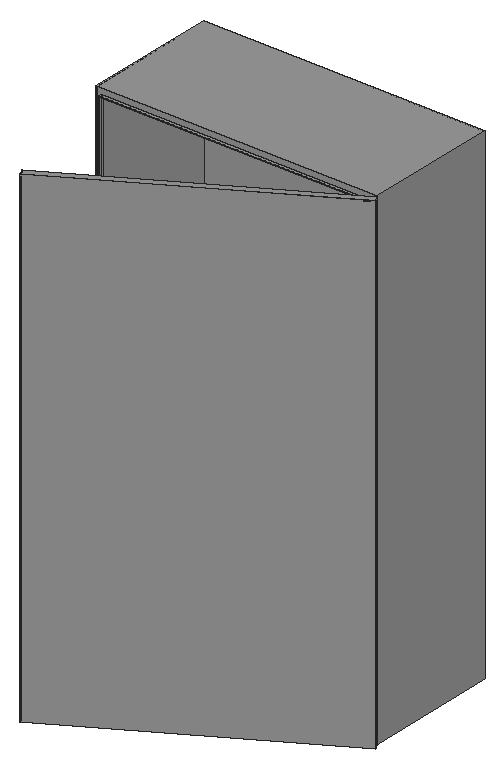
Revit family "Hager-Univers-IP55-D400-H1400-Cl.I-Steel_encl-NoHosted-CH-it", category Electrical Equipment, Revit 2020
Family settings
  Panel Configuration = Two Columns, Circuits Across
  Round Connector Dimension = Use Diameter
  Part Type = Panelboard
  Work Plane-Based = Yes
  Always vertical = Yes
  Cut with Voids When Loaded = No
  Shared = No
  Room Calculation Point = No
Parameters (values of type "A parete IP55 L800 A1400 P400  - FR93G")
  Width Control [instance] = if([EF000008 - Larghezza] > Min Width, [EF000008 - Larghezza], Min Width)  # 800 mm
  Type Comments = [HG000003 - Gamma]  # "Univers"
  Thickness Door [instance] = if([EF009171 - spessore materiale porta/coperchio] > 3 mm, 3 mm, [EF009171 - spessore materiale porta/coperchio])  # 1.5 mm
  Seal Frame Offset [instance] = 17 mm  # constant formula
  Plinth Visibility [instance] = [HG000027 - Altezza dello zoccolo] > 0 mm  # no
  Min Width [instance] = 100 mm  # constant formula
  Min Depth [instance] = (2 * [EF009170 - spessore materiale scatola]) + 1 mm  # 4 mm
  Min Height [instance] = 100 mm  # constant formula
  Internal Frame Depth [instance] = (Door System Depth * 0.5)  # 9 mm
  Panel Name [instance] = ""  # (empty or 0)
  Model = ""
  HG000027 - Altezza dello zoccolo = 0 mm
  HG000026 - A pavimento = no
  HG000024 - Altezza della sezione inferiore = 600 mm
  HG000023 - Custodia a doppia sezione = no
  HG000016 - Visibilità delle porte nella vista 3D [instance] = yes
  HG000015 - Visibilità attraverso la porta [instance] = no
  HG000014 - Porta destra [instance] = yes
  HG000013 - Porta sinistra [instance] = not([HG000014 - Porta destra])  # no
  HG000012 - Angolo di apertura della porta [instance] = 30.00°
  HG000010 - Porte asimmetriche = no
  HG000009 - Porta doppia a battente = no
  HG000006 - Ad incasso = no
  HG000004 - Codice produttore = "FR93G"
  HG000003 - Gamma = "Univers"
  HG000002 - Con porta = yes
  Frame Offset Bottom [instance] = 10 mm  # constant formula
  Frame Offset [instance] = 15 mm  # constant formula
  EF015940 - Coprire con rilascio di sovrapressione = no
  EF011959 - tipo di protezione (NEMA) = ""
  EF009554 - numero delle aperture per la piastra della flangia = 6
  EF009212 - esecuzione coperchio = "EV000116 - chiuso"
  EF009171 - spessore materiale porta/coperchio = 1.5 mm
  EF009170 - spessore materiale scatola = 1.5 mm
  EF008873 - corrente nominale (In) = 800 A
  EF007800 - adatto per parafulmine = no
  EF006306 - con serratura = no
  EF006244 - coperchio/porta trasparente = no
  EF005474 - grado di protezione (IP) = "EV006420 - IP55"
  EF004464 - tipo di porta = "EV002646 - singolo"
  EF004427 - numero di moduli = 324
  EF004293 - resistenza agli urti = "EV008784 - IK10"
  EF003532 - adatto per uso esterno = no
  EF002950 - Numero moduli DIN = 24
  EF001613 - Integrità del circuito = "EV000494 - senza"
  EF001596 - Attacco Lampada = "EV000179 - acciaio"
  EF001131 - profondità interna = 400 mm
  EF001088 - possibilità di applicazione = yes
  EF000437 - numero di ingressi per conduttori = 6
  EF000339 - tipo di copertura = "EV004216 - porta"
  EF000266 - numero di file = 9
  EF000218 - profondità di incasso = 0 mm
  EF000118 - con piastra di montaggio = no
  EF000116 - numero RAL = "7035"
  EF000049 - profondità = 400 mm
  EF000040 - Altezza = 1400 mm
  EF000008 - Larghezza = 800 mm
  EF000007 - colore = "EV000270 - grigio"
  EF000003 - Tipo di montaggio = "EV000384 - A parete"
  Door System Leaf Tolerance [instance] = 1.5 mm  # constant formula
  Door System Depth [instance] = 18 mm  # constant formula
  Door Height [instance] = Height Control - [HG000027 - Altezza dello zoccolo]  # 1400 mm
  Description = ""
  Default Elevation = 1219.2 mm
  Connector Offset [instance] = Height Control / 2  # 700 mm
  Manufacturer = "Hager"  # constant formula
  Height Control [instance] = if([EF000040 - Altezza] > Min Height, [EF000040 - Altezza], Min Height)  # 1400 mm
  Depth Control [instance] = if([EF000049 - profondità] > Min Depth, [EF000049 - profondità], Min Depth)  # 400 mm
  Bottom Top Plate Trim [instance] = 1.5 mm  # constant formula
  Plinth height Ctrl [instance] = if([HG000027 - Altezza dello zoccolo] > 0 mm, [HG000027 - Altezza dello zoccolo], 12 mm)  # 12 mm
Types (3, lengths in mm): name | Width Control | HG000009 - Porta doppia a battente | HG000004 - Codice produttore | EF009554 - numero delle aperture per la piastra della flangia | EF004464 - tipo di porta | EF004427 - numero di moduli | EF000437 - numero di ingressi per conduttori | EF000008 - Larghezza
  A parete IP55 L1050 A1400 P400  - FR94G | 1050 | yes | "FR94G" | 8 | "EV003602 - doppio" | 432 | 8 | 1050
  A parete IP55 L550 A1400 P400  - FR92G | 550 | no | "FR92G" | 4 | "EV002646 - singolo" | 216 | 4 | 550
  A parete IP55 L800 A1400 P400  - FR93G | 800 | no | "FR93G" | 6 | "EV002646 - singolo" | 324 | 6 | 800
Reference planes
  plane 1 "Center (Front/Back)": y = 0
  plane 2: z = 0
  plane 3 "Center (Left/Right)": x = 0
  plane 4: y = 0
  plane 5: y = 0
  plane 6: z = 0
  plane 7: x = -400
  plane 8: x = 400
  plane 9: x = 398.5
  plane 10: x = -398.5
  plane 11: z = 0
  plane 12: z = 1.5
  plane 13: y = -400
  plane 14: y = -1.5
  plane 15: x = 0
  plane 16: y = -382
  plane 17: y = -398.5
  plane 18: y = -380.5
  plane 19: x = -383.5
  plane 20: x = 383.5
  plane 21: z = 11.5
  plane 22: x = -383
  plane 23: x = 383
  plane 24: z = 0
  plane 25: z = 1400
  plane 26: z = 1400
  plane 27: z = 1383.5
  plane 28: z = 1398.5
Forms (mm)
  Extrusion 1, solid, material "Hager_Steel_RAL7035_Light_Grey", detail levels medium+fine
    sketch origin (-208.679, -4572, 0) x (-1, 0, 0) y (0, -1, 0)
      loop
        line (191.321, -4190) -> (-608.679, -4190) -> (-608.679, -4572) -> (191.321, -4572) -> (191.321, -4190)
    from 0 to 1400
  Extrusion 2, void
    sketch origin (-350.771, -400, 1219.2) x (1, 0, 0) y (0, 0, 1)
      loop
        line (-47.729, 179.3) -> (-47.729, -1217.7) -> (749.271, -1217.7) -> (749.271, 179.3) -> (-47.729, 179.3)
    from -19.5 to -398.5
  Extrusion 3, void
    sketch origin (-290.084, -382, 1219.2) x (1, 0, 0) y (0, 0, 1)
      loop
        line (-93.416, -1207.7) -> (673.584, -1207.7) -> (673.584, 164.3) -> (-93.416, 164.3) -> (-93.416, -1207.7)
    from 0 to -1.5
  Extrusion 4, solid, material "Hager_Steel_RAL7035_Light_Grey", visible <- "Plinth Visibility", detail levels medium+fine
    sketch origin (0, 0, 0) x (1, 0, 0) y (0, 1, 0)
      loop
        line (-400, 0) -> (-400, -382) -> (400, -382) -> (400, 0) -> (-400, 0)
    from 0 to 12 <- "Plinth height Ctrl"
  Extrusion 5, solid, material "Hager_Steel_RAL7035_Light_Grey", detail levels coarse
    sketch origin (0, 0, 0) x (1, 0, 0) y (0, 1, 0)
      loop
        line (-400, 0) -> (-400, -400) -> (400, -400) -> (400, 0) -> (-400, 0)
    from 0 to 1400 <- "Height Control"
  Sweep 6, void
    path in 3D
      loop
        line (-400, -382, 12) -> (400, -382, 12) -> (400, 0, 12) -> (-400, 0, 12) -> (-400, -382, 12)
    profile origin (-400, -191, 12) x (1, 0, 0) y (0, 0, 1)
      loop
        line (0, 0) -> (0, -1.5) -> (1.5, -1.5)
        arc (1.5, -1.5) -> (1.061, -0.439) -> (0, 0) r 1.5
  Extrusion 7, solid, material "Hager_Steel_RAL7035_Light_Grey", detail levels fine
    sketch origin (-400, -382, 0) x (1, 0, 0) y (0, 0, 1)
      loop
        line (16.5, 11.5) -> (783.5, 11.5) -> (783.5, 1383.5) -> (16.5, 1383.5) -> (16.5, 11.5)
      loop
        line (15, 10) -> (785, 10) -> (785, 1385) -> (15, 1385) -> (15, 10)
    from 0 to 9 <- "Internal Frame Depth"
Cuts and joins
  Extrusion 2, Extrusion 3 cuts Extrusion 1
  Sweep 6 cuts Extrusion 4
Lines and regions (mm)
  Masking region 1
    outline origin (0, 0, 0) x (1, 0, 0) y (0, 1, 0)
      loop
        line (-400, 0) -> (-400, -400) -> (400, -400) -> (400, 0) -> (-400, 0)
  Masking region 2, detail levels coarse
    outline origin (-290.084, -382, 1219.2) x (-1, 0, 0) y (0, 0, 1)
      loop
        line (-690.084, -1219.2) -> (109.916, -1219.2) -> (109.916, 180.8) -> (-690.084, 180.8) -> (-690.084, -1219.2)
  Masking region 3, detail levels coarse
    outline origin (0, 0, 0) x (0, 1, 0) y (0, 0, 1)
      loop
        line (0, 0) -> (0, 1400) -> (-400, 1400) -> (-400, 0) -> (0, 0)
  Masking region 4, visible <- "Plinth Visibility", detail levels medium+fine
    outline origin (0, 0, 0) x (0, 1, 0) y (0, 0, 1)
      loop
        line (-1.5, 12) -> (-380.5, 12)
        arc (-380.5, 12) -> (-380.939, 10.939) -> (-382, 10.5) r 1.5
        line (-382, 10.5) -> (-382, 0) -> (0, 0) -> (0, 10.5)
        arc (0, 10.5) -> (-1.061, 10.939) -> (-1.5, 12) r 1.5
  Masking region 5, detail levels medium+fine
    outline origin (0, 0, 594.038) x (0, 1, 0) y (0, 0, 1)
      loop
        line (0, -594.038) -> (0, 805.962) -> (-382, 805.962) -> (-382, -594.038) -> (0, -594.038)
  Masking region 6, detail levels medium+fine
    outline origin (-359.7, -382, 1211.883) x (-1, 0, 0) y (0, 0, 1)
      loop
        line (-759.7, -1211.883) -> (40.3, -1211.883) -> (40.3, 188.117) -> (-759.7, 188.117) -> (-759.7, -1211.883)
  Masking region 7, visible <- "Plinth Visibility", detail levels medium+fine
    outline origin (-320.334, -382, 1041.368) x (-1, 0, 0) y (0, 0, 1)
      loop
        line (-720.334, -1041.368) -> (79.666, -1041.368) -> (79.666, -1030.868)
        arc (79.666, -1030.868) -> (78.606, -1030.429) -> (78.166, -1029.368) r 1.5
        line (78.166, -1029.368) -> (-718.834, -1029.368)
        arc (-718.834, -1029.368) -> (-719.273, -1030.429) -> (-720.334, -1030.868) r 1.5
        line (-720.334, -1030.868) -> (-720.334, -1041.368)
  sketch lines
    curve 1: line (-400, 0, 12) -> (-400, -382, 12)
    curve 2: line (-400, -382, 12) -> (400, -382, 12)
    curve 3: line (400, 0, 12) -> (-400, 0, 12)
    curve 4: line (400, -382, 12) -> (400, 0, 12)
Dimensions and locks
  locked: plane 1 "Center (Front/Back)" to plane 5
  "EF009170 - spessore materiale scatola": plane 7 to plane 10
  "EF009170 - spessore materiale scatola": plane 8 to plane 9
  equal spacing: plane 7, plane 3 "Center (Left/Right)", plane 8
  "Width Control": plane 7 to plane 8
  "Depth Control": plane 4 to plane 13
  "EF009170 - spessore materiale scatola": plane 4 to plane 14
  "Height Control": plane 25 to level
  "HG000027 - Altezza dello zoccolo": plane 11 to level
  "EF009170 - spessore materiale scatola": plane 12 to plane 11
  "EF009170 - spessore materiale scatola": plane 17 to plane 13
  "EF009170 - spessore materiale scatola": plane 18 to plane 16
  "Frame Offset Bottom": plane 21 to plane 12
  "Frame Offset": plane 10 to plane 19
  "Frame Offset": plane 9 to plane 20
  "Door System Depth": plane 16 to plane 13
  "Seal Frame Offset": plane 7 to plane 22
  "Seal Frame Offset": plane 8 to plane 23
  "EF009170 - spessore materiale scatola": plane 26 to plane 28
  "Frame Offset": plane 28 to plane 27
  "Connector Offset": plane 2 to connector elem
  "Bottom Top Plate Trim": profile plane to Sweep 6 sketch curve
  "Bottom Top Plate Trim": Sweep 6 sketch curve to Sweep 6 sketch curve
  "Plinth height Ctrl": Masking region 4 sketch curve to level
  "Plinth height Ctrl": Masking region 7 sketch curve to level
  "Thickness Door": Extrusion 7 sketch curve to Extrusion 7 sketch curve  (x4)
  "Bottom Top Plate Trim": radius of Sweep 6 sketch curve
  "Bottom Top Plate Trim": radius of Masking region 4 sketch curve  (x2)
  "Bottom Top Plate Trim": radius of Masking region 7 sketch curve  (x2)
  aligned and locked: Extrusion 2 sketch curve to plane 12
  aligned and locked: Extrusion 2 sketch curve to plane 9
  aligned and locked: Extrusion 2 sketch curve to plane 10
  aligned and locked: Extrusion 2 to plane 14
  aligned and locked: Extrusion 1 sketch curve to plane 4
  aligned and locked: plane 8 to Extrusion 1 sketch curve
  aligned and locked: plane 7 to Extrusion 1 sketch curve
  aligned and locked: Extrusion 2 to plane 18
  aligned and locked: Extrusion 3 sketch curve to plane 19
  aligned and locked: plane 20 to Extrusion 3 sketch curve
  aligned and locked: Extrusion 3 to Extrusion 2
  aligned and locked: Extrusion 3 sketch curve to plane 21
  aligned and locked: plane 3 "Center (Left/Right)" to nested 1
  aligned and locked: Extrusion 1 sketch curve to plane 16
  aligned and locked: Extrusion 4 sketch curve to cut or joined group of Extrusion 1, Extrusion 2, Extrusion 3
  aligned and locked: Masking region 1 sketch curve to plane 7
  aligned and locked: Masking region 1 sketch curve to plane 5
  aligned and locked: Masking region 1 sketch curve to plane 8
  aligned and locked: Masking region 2 sketch curve to level
  aligned and locked: level to Masking region 3 sketch curve
  aligned and locked: plane 1 "Center (Front/Back)" to Masking region 3 sketch curve
  aligned and locked: plane 13 to Masking region 3 sketch curve
  aligned and locked: plane 5 to Masking region 4 sketch curve
  aligned and locked: Masking region 2 sketch curve to plane 8
  aligned and locked: Masking region 2 sketch curve to plane 7
  aligned and locked: plane 7 to nested 2
  aligned and locked: nested 2 to plane 5
  aligned and locked: plane 5 to Masking region 5 sketch curve
  aligned and locked: plane 26 to Masking region 5 sketch curve
  aligned and locked: Extrusion 5 sketch curve to plane 8
  aligned and locked: Extrusion 5 sketch curve to plane 7
  aligned and locked: Extrusion 5 sketch curve to plane 5
  aligned and locked: Extrusion 3 sketch curve to plane 27
  aligned and locked: Extrusion 2 sketch curve to plane 28
  aligned and locked: Masking region 2 to plane 25
  aligned and locked: Extrusion 4 to plane 16
  aligned and locked: profile plane to Sweep 6 sketch curve
  aligned and locked: Masking region 5 sketch curve to plane 24
  aligned and locked: level to Masking region 4 sketch curve
  aligned and locked: Masking region 1 to plane 13
  aligned and locked: nested 1 to plane 16
  aligned and locked: Masking region 3 to plane 25
  aligned and locked: plane 16 to Masking region 4 sketch curve
  aligned and locked: Masking region 5 sketch curve to plane 16
  aligned and locked: plane 24 to plane 11
  aligned and locked: plane 26 to plane 25
  aligned and locked: plane 26 to cut or joined group of Extrusion 1, Extrusion 2, Extrusion 3
  aligned and locked: nested 1 to plane 24
  aligned and locked: Extrusion 1 to Extrusion 3
  aligned and locked: Masking region 6 sketch curve to plane 8
  aligned and locked: Masking region 6 sketch curve to plane 24
  aligned and locked: Masking region 6 sketch curve to plane 7
  aligned and locked: Masking region 6 sketch curve to plane 26
  aligned and locked: Masking region 7 sketch curve to plane 7
  aligned and locked: level to Masking region 7 sketch curve
  aligned and locked: Masking region 7 sketch curve to plane 8
  aligned and locked: Extrusion 7 sketch curve to cut or joined group of Extrusion 1, Extrusion 2, Extrusion 3  (x4)
Automatic sketch dimensions
  plane 19 to Extrusion 3 sketch curve = 0 mm
  Extrusion 3 sketch curve to plane 20 = 0 mm
  Extrusion 3 sketch curve to plane 21 = 0 mm
  Extrusion 4 sketch curve to plane 7 = 0 mm
  Extrusion 4 sketch curve to plane 8 = 0 mm
  Extrusion 4 sketch curve to plane 16 = 0 mm
  Masking region 1 sketch curve to plane 13 = 0 mm
  Masking region 2 sketch curve to plane 25 = 0 mm
  Masking region 3 sketch curve to plane 25 = 0 mm
  Extrusion 5 sketch curve to plane 13 = 0 mm
  profile plane to Sweep 6 sketch curve = 0 mm
Nested families
  nested 1: "EC000058_Univers_Door" at (0, -382, 0), Double <- "HG000009 - Porta doppia a battente", Transparent <- "EF006244 - coperchio/porta trasparente", Angle <- "HG000012 - Angolo di apertura della porta", Door_Right <- "HG000014 - Porta destra", Assymetrical <- "HG000010 - Porte asimmetriche", Door <- "HG000002 - Con porta", Width_Ctrl <- "Width Control", 3d_Door <- "HG000016 - Visibilità delle porte nella vista 3D", Clearance <- "HG000015 - Visibilità attraverso la porta", Door_Left <- "HG000013 - Porta sinistra", Width <- "Width Control", Door_Depth <- "Door System Depth", Leaf_Tolerance <- "Door System Leaf Tolerance", Height <- "Door Height", Lock_Visibility <- "EF006306 - con serratura", Thickness <- "Thickness Door", type "EC000058_Univers_Door", detail levels medium+fine
    with min_wh 4 mm, Width_Ctrl 800 mm, Width 800 mm, Transparent no, Thickness 1.5 mm, Seal_Material Hager_Rubber, Lock_Visibility no, Lock_Material Hager_Plastic_RAL9005_Jet_Black, Leaf_Width 800 mm, Leaf_Tolerance_External_Sides 0 mm, Leaf_Tolerance 1.5 mm, Leaf_Offset 0 mm, Leaf_Height 1397 mm, Leaf_2_Width 800 mm, Leaf_2_Offset 400 mm, Leaf_1_Width 800 mm, Leaf_1_Offset 400 mm, Height_Ctrl 1400 mm, Height 1400 mm, Glass_Material Hager_Glass, Double_Clearance_Ctrl no, Double no, Door_Right_Ctrl yes, Door_Right yes, Door_Material Hager_Steel_RAL7035_Light_Grey, Door_Left_Ctrl no, Door_Left no, Door_Depth 18 mm, Door yes, Clearance_Material Hager_Clearance, Clearance_Depth 800 mm, Clearance_Ctrl no, Clearance no, Assymetrical no, Angle 30.00°, 3d_Door yes
  nested 2: "Hager_Enclosure_Symbol" at (-400, 0, 0), Height <- "Depth Control", Width <- "Width Control", type "Hager_Enclosure_Symbol"
    with Width_Ctrl 800 mm, Width 800 mm, Height_Ctrl 400 mm, Height 400 mm, A_Width_Int 26.25 mm, A_Width 315 mm, A_Height_Ctrl 350 mm, A_Height 350 mm
Connectors
  electrical at (0, 0, 700)
    settings: on plane 1 "Center (Front/Back)", index 1, voltage 0 V, apparent load 0 VA, apparent load phase1 0 VA, apparent load phase2 0 VA, apparent load phase3 0 VA, power factor 1, load classification "Other", number of poles 1, system type 30, power factor state 1, is connector primary yes, connector utility no, sub classification motor no, connector description ""
Definition of nested family "EC000058_Univers_Door"
  Parameters (values of type "EC000058_Univers_Door")
    min_wh [instance] = (2 * Thickness) + 1 mm  # 11 mm
    Width_Ctrl [instance] = 400 mm
    Width [instance] = 500 mm
    Transparent [instance] = yes
    Thickness [instance] = 5 mm
    Seal_Material [instance] = none
    Lock_Visibility [instance] = yes
    Lock_Material [instance] = none
    Leaf_Width [instance] = if((Width_Ctrl - 2 * Leaf_Tolerance_External_Sides) > 0 mm, (Width_Ctrl - 2 * Leaf_Tolerance_External_Sides), min_wh)  # 400 mm
    Leaf_Tolerance_External_Sides [instance] = 0 mm  # constant formula
    Leaf_Tolerance [instance] = 1.5 mm
    Leaf_Offset [instance] = 0 mm  # constant formula
    Leaf_Height [instance] = if((Height_Ctrl - 2 * Leaf_Tolerance) > 0 mm, (Height_Ctrl - 2 * Leaf_Tolerance), min_wh)  # 497 mm
    Leaf_2_Width [instance] = if(and(and(Double, Assymetrical), Door_Left), (Leaf_Width / 3) - (Leaf_Tolerance / 2), if(and(and(Double, Assymetrical), Door_Right), (Leaf_Width / 3) * 2 - (Leaf_Tolerance / 2), if(and(Double, not(Assymetrical)), (Leaf_Width / 2) - Leaf_Tolerance, Leaf_Width)))  # 400 mm
    Leaf_2_Offset [instance] = if(and(Double, Assymetrical), Leaf_2_Width / 2, if(and(Double, not(Assymetrical)), Leaf_Width / 4, Leaf_Width / 2))  # 200 mm
    Leaf_1_Width [instance] = if(and(and(Double, Assymetrical), Door_Right), (Leaf_Width / 3) - (Leaf_Tolerance / 2), if(and(and(Double, Assymetrical), Door_Left), (Width / 3) * 2 - (Leaf_Tolerance / 2), if(and(Double, not(Assymetrical)), (Leaf_Width / 2) - Leaf_Tolerance, Leaf_Width)))  # 400 mm
    Leaf_1_Offset [instance] = if(and(Double, Assymetrical), Leaf_1_Width / 2, if(and(Double, not(Assymetrical)), Leaf_Width / 4, Leaf_Width / 2))  # 200 mm
    Height_Ctrl [instance] = if(Height > min_wh, Height, min_wh)  # 500 mm
    Height [instance] = 500 mm
    Glass_Material [instance] = none
    Double_Clearance_Ctrl [instance] = and(Double, Clearance)  # no
    Double [instance] = no
    Door_Right_Ctrl [instance] = and(or(Door_Right, Double), Door)  # yes
    Door_Right [instance] = yes
    Door_Material [instance] = none
    Door_Left_Ctrl [instance] = and(or(Door_Left, Double), Door)  # no
    Door_Left [instance] = no
    Door_Depth [instance] = 30 mm
    Door [instance] = yes
    Default Elevation = 1219.2 mm
    Clearance_Material [instance] = none
    Clearance_Depth [instance] = if(Leaf_1_Width > Leaf_2_Width, Leaf_1_Width, Leaf_2_Width)  # 400 mm
    Clearance_Ctrl [instance] = and(not(Double), Clearance)  # yes
    Clearance [instance] = yes
    Assymetrical [instance] = yes
    Angle [instance] = 30.00°
    3d_Door [instance] = yes
  Reference planes
    plane 1 "Center (Front/Back)": y = 0
    plane 2 "Bottom": z = 0
    plane 3 "Center (Left/Right)": x = 0
    plane 4: z = 500
    plane 5: x = -200
    plane 6: x = 200
    plane 7: z = 500
    plane 8: x = -200
    plane 9: z = 0
    plane 10: x = 200
    plane 11: y = 0
    plane 12: z = 1.5
    plane 13: x = -600
    plane 14: y = -400
    plane 15: x = 600
    plane 16: x = 0
    plane 17: x = 0
    plane 18: x = -200
    plane 19: x = 200
    plane 20: z = 498.5
  Forms (mm)
    Extrusion 1, solid, material <- "Clearance_Material", visible <- "Double_Clearance_Ctrl"
      sketch origin (1200, 0, 0) x (1, 0, 0) y (0, 0, -1)
        loop
          line (-1800, -498.5) -> (-600, -498.5) -> (-600, 0) -> (-1800, 0) -> (-1800, -498.5)
      from 0 to -400
  Dimensions and locks
    equal spacing: plane 5, plane 3 "Center (Left/Right)", plane 6
    "Width_Ctrl": plane 5 to plane 6
    "Leaf_Offset": plane 5 to plane 8
    "Leaf_Offset": plane 6 to plane 10
    "Leaf_Offset": plane 9 to level
    "Leaf_Offset": plane 4 to plane 7
    "Height_Ctrl": plane 4 to level
    "Leaf_Tolerance": plane 12 to plane 9
    locked: plane 11 to plane 1 "Center (Front/Back)"
    "Leaf_1_Offset": plane 18 to plane 16
    "Leaf_2_Offset": plane 17 to plane 19
    "Leaf_1_Width": plane 13 to plane 8
    "Leaf_2_Width": plane 10 to plane 15
    "Clearance_Depth": plane 14 to plane 1 "Center (Front/Back)"
    "Leaf_Tolerance_External_Sides": plane 8 to plane 18
    "Leaf_Tolerance_External_Sides": plane 19 to plane 10
    "Leaf_Tolerance": plane 7 to plane 20
    aligned and locked: level to plane 2 "Bottom"
    aligned and locked: nested 1 to plane 16
    aligned and locked: nested 2 to plane 17
    aligned and locked: Extrusion 1 to plane 13
    aligned and locked: plane 15 to Extrusion 1
    aligned and locked: Extrusion 1 to plane 14
    aligned and locked: plane 12 to nested 1
    aligned and locked: nested 2 to plane 12
    aligned and locked: Extrusion 1 to plane 11
    aligned and locked: plane 20 to Extrusion 1
    aligned and locked: nested 2 to plane 11
    aligned and locked: nested 1 to plane 11
  Automatic sketch dimensions
    Extrusion 1 sketch curve to level = 0 mm
    plane 5 to Extrusion 1 sketch curve = 400 mm
    plane 6 to Extrusion 1 sketch curve = 400 mm
    Extrusion 1 sketch curve to plane 4 = 1.5 mm
  Nested families
    nested 1: "EC000058_Univers_Door_Leaf" at (0, 0, 1.5), Width <- "Leaf_1_Width", visible <- "Door_Left_Ctrl", Leaf_Height <- "Leaf_Height", Angle <- "Angle", 3d_Door <- "3d_Door", Transparent <- "Transparent", Clearance Material <- "Clearance_Material", Clearance <- "Clearance_Ctrl", Door_Material <- "Door_Material", Glass_Material <- "Glass_Material", Door_Depth <- "Door_Depth", Lock_Material <- "Lock_Material", Seal_Material <- "Seal_Material", Lock_Visibility <- "Lock_Visibility", Thickness <- "Thickness", type "EC000058_Univers_Door_Leaf"
      with Width 400 mm, Transparent_Glass_Offset 30 mm, Transparent_Ctrl yes, Transparent yes, Thickness 5 mm, Standard no, Seal_Material none, Seal_D2 8 mm, Seal_D1 1 mm, Offset_Internal_Frame 10 mm, Lock_Width 20 mm, Lock_Visibility_3d yes, Lock_Visibility yes, Lock_Thickness_3 3 mm, Lock_Thickness_2 1 mm, Lock_Thickness_1 3 mm, Lock_Radius_Offset_2 16 mm, Lock_Radius_Offset_1 15 mm, Lock_Radius_2 5 mm, Lock_Radius 6 mm, Lock_Offset 5 mm, Lock_Material none, Lock_Height 80 mm, Lock_Cover_Top_Offset_2d 17 mm, Lock_Cover_Height -65 mm, Leaf_Height 497 mm, Internal_Seal_Thickness 8 mm, Internal_Seal_Depth_2 4.5 mm, Internal_Frame_Depth 25 mm, Glass_Thickness -1 mm, Glass_Offset -2 mm, Glass_Material none, Door_Material none, Door_Depth 30 mm, Clearance Material none, Clearance yes, Angle_Ctrl 30.00°, Angle 30.00°, 3d_Door yes
    nested 2: "EC000058_Univers_Door_Leaf" at (0, 0, 1.5) x (-1, 0, 0) z (0, 0, 1), Width <- "Leaf_2_Width", visible <- "Door_Right_Ctrl", Leaf_Height <- "Leaf_Height", Angle <- "Angle", 3d_Door <- "3d_Door", Transparent <- "Transparent", Clearance Material <- "Clearance_Material", Clearance <- "Clearance_Ctrl", Door_Material <- "Door_Material", Glass_Material <- "Glass_Material", Door_Depth <- "Door_Depth", Lock_Material <- "Lock_Material", Seal_Material <- "Seal_Material", Lock_Visibility <- "Lock_Visibility", Thickness <- "Thickness", type "EC000058_Univers_Door_Leaf"
      with Width 400 mm, Transparent_Glass_Offset 30 mm, Transparent_Ctrl yes, Transparent yes, Thickness 5 mm, Standard no, Seal_Material none, Seal_D2 8 mm, Seal_D1 1 mm, Offset_Internal_Frame 10 mm, Lock_Width 20 mm, Lock_Visibility_3d yes, Lock_Visibility yes, Lock_Thickness_3 3 mm, Lock_Thickness_2 1 mm, Lock_Thickness_1 3 mm, Lock_Radius_Offset_2 16 mm, Lock_Radius_Offset_1 15 mm, Lock_Radius_2 5 mm, Lock_Radius 6 mm, Lock_Offset 5 mm, Lock_Material none, Lock_Height 80 mm, Lock_Cover_Top_Offset_2d 17 mm, Lock_Cover_Height -65 mm, Leaf_Height 497 mm, Internal_Seal_Thickness 8 mm, Internal_Seal_Depth_2 4.5 mm, Internal_Frame_Depth 25 mm, Glass_Thickness -1 mm, Glass_Offset -2 mm, Glass_Material none, Door_Material none, Door_Depth 30 mm, Clearance Material none, Clearance yes, Angle_Ctrl 30.00°, Angle 30.00°, 3d_Door yes
  Definition of nested family "EC000058_Univers_Door_Leaf"
    Parameters (values of type "EC000058_Univers_Door_Leaf")
      Width [instance] = 2000 mm
      Transparent_Glass_Offset [instance] = 30 mm
      Transparent_Ctrl [instance] = and(Transparent, [3d_Door])  # yes
      Transparent [instance] = yes
      Thickness [instance] = 5 mm
      Standard [instance] = and(not(Transparent), [3d_Door])  # no
      Seal_Material [instance] = none
      Seal_D2 [instance] = 8 mm  # constant formula
      Seal_D1 [instance] = 1 mm  # constant formula
      Offset_Internal_Frame [instance] = 10 mm  # constant formula
      Lock_Width [instance] = 20 mm  # constant formula
      Lock_Visibility_3d [instance] = and(Lock_Visibility, [3d_Door])  # yes
      Lock_Visibility [instance] = yes
      Lock_Thickness_3 [instance] = 3 mm  # constant formula
      Lock_Thickness_2 [instance] = 1 mm  # constant formula
      Lock_Thickness_1 [instance] = 3 mm  # constant formula
      Lock_Radius_Offset_2 [instance] = Lock_Radius_Offset_1 + 1 mm  # 16 mm
      Lock_Radius_Offset_1 [instance] = 15 mm  # constant formula
      Lock_Radius_2 [instance] = Lock_Radius - 1 mm  # 5 mm
      Lock_Radius [instance] = 6 mm  # constant formula
      Lock_Offset [instance] = 5 mm  # constant formula
      Lock_Material [instance] = none
      Lock_Height [instance] = 80 mm  # constant formula
      Lock_Cover_Top_Offset_2d [instance] = Lock_Radius_Offset_2 + 1 mm  # 17 mm
      Lock_Cover_Height [instance] = -(Lock_Height - Lock_Radius_Offset_1)  # -65 mm
      Leaf_Height [instance] = 2720.336 mm
      Internal_Seal_Thickness [instance] = 8 mm  # constant formula
      Internal_Seal_Depth_2 [instance] = 4.5 mm  # constant formula
      Internal_Frame_Depth [instance] = if(Door_Depth - Thickness > 5 mm, Door_Depth - Thickness, 5 mm)  # 25 mm
      Glass_Thickness [instance] = if(Thickness > 15 mm, Glass_Offset + 10 mm, -1 mm)  # -1 mm
      Glass_Offset [instance] = if(Thickness > 15 mm, -(Thickness + 10 mm) / 2, -2 mm)  # -2 mm
      Glass_Material [instance] = none
      Door_Material [instance] = none
      Door_Depth [instance] = 30 mm
      Default Elevation = 0 mm
      Clearance Material [instance] = none
      Clearance [instance] = yes
      Angle_Ctrl [instance] = if(Angle > 180.00°, 180.00°, Angle)  # 90.00°
      Angle [instance] = 90.00°
      3d_Door [instance] = yes
    Reference planes
      plane 1 "Center (Front/Back)": y = 0
      plane 2: z = 0
      plane 3 "Center (Left/Right)": x = 0
      plane 4: y = 2000
      plane 5: x = -1000
      plane 6: x = 1000
      plane 7: x = -3000
      plane 8: z = 2720.336
      plane 9: z = 30
      plane 10: z = 2690.336
      plane 11: x = 970
      plane 12: x = -970
      plane 13: y = -3
      plane 14: z = 107.833
      plane 15: y = -5
      plane 16: y = -223.314
      plane 17: x = -1000
      plane 18: z = 1360.168
      plane 19: y = 30
    Forms (mm)
      Extrusion 1, solid, material <- "Clearance Material", visible <- "Clearance"
        sketch origin (0, 0, 0) x (1, 0, 0) y (0, 0, 1)
          loop
            line (-3000, 2720.336) -> (-3000, 0) -> (1000, 0) -> (1000, 2720.336) -> (-3000, 2720.336)
        from 0 to -2000
      Extrusion 2, solid, material <- "Door_Material", visible <- "Standard", detail levels medium+fine
        sketch origin (-1000, 0, 0) x (0, 1, 0) y (-1, 0, 0)
          loop
            line (0, 30) -> (0, 25) -> (2000, 25) -> (2000, 30) -> (0, 30)
        from 0 to 2720.336 <- "Leaf_Height"
      Extrusion 3, solid, material <- "Door_Material", visible <- "Transparent_Ctrl", detail levels medium+fine
        sketch origin (-1000, 0, 0) x (0, 1, 0) y (-1, 0, 0)
          loop
            line (0, 25) -> (2000, 25) -> (2000, 30) -> (0, 30) -> (0, 25)
        from 0 to 2720.336 <- "Leaf_Height"
      Extrusion 4, void
        sketch origin (-1025, 2000, 0) x (0, 1, 0) y (0, 0, -1)
          loop
            line (-30, -2690.336) -> (-30, -30) -> (-1970, -30) -> (-1970, -2690.336) -> (-30, -2690.336)
        from 0 to 5 <- "Thickness"
      Sweep 5, solid, material <- "Seal_Material", visible <- "Transparent_Ctrl", detail levels fine
        path in 3D
          loop
            line (-1025, 30, 30) -> (-1025, 30, 2690.336) -> (-1025, 1970, 2690.336) -> (-1025, 1970, 30) -> (-1025, 30, 30)
        profile origin (-1025, 1000, 30) x (1, 0, 0) y (0, 0, 1)
          loop
            line (0, 0) -> (0, -8) -> (1, -8) -> (1, 0) -> (0, 0)
      Extrusion 6, solid, material <- "Glass_Material", visible <- "Transparent_Ctrl", detail levels medium+fine
        sketch origin (-1030, 0, 0) x (0, 1, 0) y (0, 0, -1)
          loop
            line (1970, -2690.336) -> (1970, -30) -> (30, -30) -> (30, -2690.336) -> (1970, -2690.336)
        from -2 <- "Glass_Offset" to -1 <- "Glass_Thickness"
      Extrusion 7, solid, material <- "Door_Material", visible <- "3d_Door", detail levels medium+fine
        sketch origin (-1025, 2000, 0) x (0, -1, 0) y (0, 0, -1)
          loop
            line (0, -2720.336) -> (2000, -2720.336) -> (2000, 0) -> (0, 0) -> (0, -2720.336)
          loop
            line (1995, -5) -> (5, -5) -> (5, -2715.336) -> (1995, -2715.336) -> (1995, -5)
        from 0 to 25 <- "Internal_Frame_Depth"
      Sweep 8, solid, material <- "Seal_Material", visible <- "Transparent_Ctrl", detail levels fine
        path in 3D
          loop
            line (-1025, 0, 0) -> (-1025, 2000, 0) -> (-1025, 2000, 2720.336) -> (-1025, 0, 2720.336) -> (-1025, 0, 0)
        profile origin (-1025, 0, 1360.168) x (1, 0, 0) y (0, 1, 0)
          loop
            line (0, 10) -> (2.975, 10)
            arc (2.975, 10) -> (4.053, 10.447) -> (4.5, 11.525) r 1.525
            line (4.5, 11.525) -> (4.5, 16.527)
            arc (4.5, 16.527) -> (4.069, 17.569) -> (3.027, 18) r 1.473
            line (3.027, 18) -> (0, 18) -> (0, 10)
      Extrusion 9, solid, material <- "Lock_Material", visible <- "Lock_Visibility_3d", detail levels fine
        sketch origin (-1030, 0, 0) x (0, 1, 0) y (0, 0, -1)
          loop
            arc (1993.5, -1400.168) -> (1994.561, -1399.729) -> (1995, -1398.668) r 1.5
            line (1995, -1398.668) -> (1995, -1320.168) -> (1975, -1320.168) -> (1975, -1398.668)
            arc (1975, -1398.668) -> (1975.439, -1399.729) -> (1976.5, -1400.168) r 1.5
            line (1976.5, -1400.168) -> (1993.5, -1400.168)
        from 3 <- "Lock_Thickness_1" to 0
      Blend 10, solid, material <- "Lock_Material", visible <- "Lock_Visibility_3d", detail levels fine
        base sketch origin (-1033, 0, 0) x (0, 1, 0) y (0, 0, -1)
          loop
            line (1975, -1320.168) -> (1975, -1398.668)
            arc (1975, -1398.668) -> (1975.439, -1399.729) -> (1976.5, -1400.168) r 1.5
            line (1976.5, -1400.168) -> (1993.5, -1400.168)
            arc (1993.5, -1400.168) -> (1994.561, -1399.729) -> (1995, -1398.668) r 1.5
            line (1995, -1398.668) -> (1995, -1320.168) -> (1975, -1320.168)
        top sketch origin (-1033, 0, 0) x (0, 1, 0) y (0, 0, -1)
          loop
            line (1976, -1320.168) -> (1976, -1398.668)
            arc (1976, -1398.668) -> (1976.146, -1399.022) -> (1976.5, -1399.168) r 0.5
            line (1976.5, -1399.168) -> (1993.5, -1399.168)
            arc (1993.5, -1399.168) -> (1993.854, -1399.022) -> (1994, -1398.668) r 0.5
            line (1994, -1398.668) -> (1994, -1320.168) -> (1976, -1320.168)
        from 0 to 1 <- "Lock_Thickness_2"
      Blend 11, solid, material <- "Lock_Material", visible <- "Lock_Visibility_3d", detail levels fine
        base sketch origin (-1034, 0, 0) x (0, 1, 0) y (0, 0, -1)
          loop
            line (1978, -1320.168) -> (1978, -1384.168)
            arc (1978, -1384.168) -> (1985, -1391.168) -> (1992, -1384.168) r 7
            line (1992, -1384.168) -> (1992, -1320.168) -> (1978, -1320.168)
        top sketch origin (-1034, 0, 0) x (0, 1, 0) y (0, 0, -1)
          loop
            line (1991, -1320.168) -> (1979, -1320.168) -> (1979, -1383.168)
            arc (1979, -1383.168) -> (1985, -1389.168) -> (1991, -1383.168) r 6
            line (1991, -1383.168) -> (1991, -1320.168)
        from 0 to 3 <- "Lock_Thickness_3"
      Extrusion 12, solid, material <- "Lock_Material", visible <- "Lock_Visibility_3d", detail levels fine
        sketch origin (-1030, 1975, 1320.168) x (1, 0, 0) y (0, -1, 0)
          loop
            line (-7, -19) -> (-7, -1) -> (0, -1) -> (0, 0) -> (-8, 0) -> (-8, -20) -> (0, -20) -> (0, -19) -> (-7, -19)
        from 0 to -65 <- "Lock_Cover_Height"
      Extrusion 13, void
        sketch origin (-1038, 1995, 1320.168) x (-1, 0, 0) y (0, 0, -1)
          loop
            line (-5, -65) -> (0, -65) -> (-5, -60) -> (-5, -65)
        from 0 to 20 <- "Lock_Width"
      Extrusion 14, void
        sketch origin (-1038, 1975, 1320.168) x (0, -1, 0) y (0, 0, -1)
          loop
            circle (-10, -15.995) r 6
          loop
            circle (-10, -15.995) r 5
        from 0 to 2
      Extrusion 15, solid, material <- "Lock_Material", visible <- "Lock_Visibility_3d", detail levels medium
        sketch origin (-1030, 0, 0) x (0, 1, 0) y (0, 0, -1)
          loop
            arc (1993.5, -1400.168) -> (1994.561, -1399.729) -> (1995, -1398.668) r 1.5
            line (1995, -1398.668) -> (1995, -1320.168) -> (1975, -1320.168) -> (1975, -1398.668)
            arc (1975, -1398.668) -> (1975.439, -1399.729) -> (1976.5, -1400.168) r 1.5
            line (1976.5, -1400.168) -> (1993.5, -1400.168)
        from 8 to 0
    Cuts and joins
      Extrusion 4 cuts Extrusion 3
      Extrusion 13, Extrusion 14 cuts Extrusion 9
      Extrusion 14 cuts Blend 11
      Extrusion 13, Extrusion 14 cuts Extrusion 12
      joined: Extrusion 9, Blend 10, Blend 11, Extrusion 12
      Extrusion 14 cuts Extrusion 15
    Lines and regions (mm)
      Masking region 1, visible <- "Lock_Visibility", detail levels fine
        outline origin (0, 0, 0) x (0, 1, 0) y (0, 0, 1)
          loop
            line (30, 1320.168) -> (33, 1320.168) -> (33, 1400.168) -> (30, 1400.168) -> (30, 1320.168)
      Masking region 2, visible <- "Lock_Visibility", detail levels fine
        outline origin (0, 3.143, 0) x (0, 1, 0) y (0, 0, 1)
          loop
            line (29.857, 1354.168) -> (30.857, 1354.168) -> (30.857, 1366.168) -> (29.857, 1366.168) -> (29.857, 1354.168)
      Masking region 3, detail levels medium+fine
        outline origin (0, 0, 0) x (0, 1, 0) y (0, 0, 1)
          loop
            line (0, 0) -> (30, 0) -> (30, 2720.336) -> (0, 2720.336) -> (0, 0)
      Masking region 4, detail levels medium+fine
        outline origin (0, 0, 0) x (1, 0, 0) y (0, 0, 1)
          loop
            line (-1000, 2720.336) -> (-1000, 0) -> (1000, 0) -> (1000, 2720.336) -> (-1000, 2720.336)
      Masking region 5, visible <- "Lock_Visibility", detail levels fine
        outline origin (-47.116, 0, 0) x (1, 0, 0) y (0, 0, 1)
          loop
            arc (1024.616, 1399.168) -> (1023.556, 1398.729) -> (1023.116, 1397.668) r 1.5
            line (1023.116, 1397.668) -> (1023.116, 1320.168) -> (1041.116, 1320.168) -> (1041.116, 1397.668)
            arc (1041.116, 1397.668) -> (1040.677, 1398.729) -> (1039.616, 1399.168) r 1.5
            line (1039.616, 1399.168) -> (1024.616, 1399.168)
      Masking region 6, visible <- "Lock_Visibility", detail levels medium+fine
        outline origin (-25, 0, 0) x (1, 0, 0) y (0, 0, 1)
          loop
            arc (1001.5, 1400.168) -> (1000.439, 1399.729) -> (1000, 1398.668) r 1.5
            line (1000, 1398.668) -> (1000, 1320.168) -> (1020, 1320.168) -> (1020, 1398.668)
            arc (1020, 1398.668) -> (1019.561, 1399.729) -> (1018.5, 1400.168) r 1.5
            line (1018.5, 1400.168) -> (1001.5, 1400.168)
      Masking region 7, visible <- "Lock_Visibility", detail levels fine
        outline origin (-73.735, 0, 0) x (1, 0, 0) y (0, 0, 1)
          loop
            line (1051.735, 1382.168) -> (1065.735, 1382.168) -> (1065.735, 1384.168)
            arc (1065.735, 1384.168) -> (1058.735, 1391.168) -> (1051.735, 1384.168) r 7
            line (1051.735, 1384.168) -> (1051.735, 1382.168)
      Masking region 8, visible <- "Lock_Visibility", detail levels fine
        outline origin (-73.735, 0, 0) x (1, 0, 0) y (0, 0, 1)
          loop
            line (1052.735, 1382.168) -> (1064.735, 1382.168) -> (1064.735, 1383.168)
            arc (1064.735, 1383.168) -> (1058.735, 1389.168) -> (1052.735, 1383.168) r 6
            line (1052.735, 1383.168) -> (1052.735, 1382.168)
      Masking region 9, visible <- "Lock_Visibility", detail levels fine
        outline origin (-25, 0, 0) x (1, 0, 0) y (0, 0, 1)
          loop
            line (1020, 1320.168) -> (1020, 1382.168) -> (1000, 1382.168) -> (1000, 1320.168) -> (1020, 1320.168)
      Masking region 10, detail levels medium+fine
        outline origin (0, 0, 0) x (1, 0, 0) y (0, 0, 1)
          loop
            circle (985, 1335.144) r 6
      Masking region 11, detail levels fine
        outline origin (0, 0, 0) x (1, 0, 0) y (0, 0, 1)
          loop
            circle (985, 1335.144) r 5
      Masking region 12, visible <- "Lock_Visibility", detail levels fine
        outline origin (0, 12.767, 0) x (0, 1, 0) y (0, 0, 1)
          loop
            line (20.233, 1320.168) -> (21.233, 1320.168) -> (21.233, 1399.168) -> (20.233, 1400.168) -> (20.233, 1320.168)
      Masking region 13, visible <- "Lock_Visibility", detail levels fine
        outline origin (0, 13.767, -10) x (0, 1, 0) y (0, 0, 1)
          loop
            line (20.233, 1330.168) -> (23.233, 1330.168) -> (23.233, 1399.168) -> (20.233, 1402.168) -> (20.233, 1330.168)
      Masking region 14, visible <- "Lock_Visibility", detail levels fine
        outline origin (0, 12.767, -10) x (0, 1, 0) y (0, 0, 1)
          loop
            line (20.233, 1330.168) -> (25.233, 1330.168) -> (25.233, 1399.305) -> (20.233, 1394.305) -> (20.233, 1330.168)
      Masking region 15, visible <- "Lock_Visibility", detail levels medium
        outline origin (0, 0, 0) x (0, 1, 0) y (0, 0, 1)
          loop
            line (30, 1320.168) -> (38, 1320.168) -> (38, 1400.168) -> (30, 1400.168) -> (30, 1320.168)
      Masking region 16, visible <- "Lock_Visibility", detail levels fine
        outline origin (-1000, 0, 0) x (0, 1, 0) y (-1, 0, 0)
          loop
            line (1975, 30) -> (1995, 30) -> (1995, 38) -> (1975, 38) -> (1975, 30)
          loop
            line (1979, 37) -> (1976, 37) -> (1976, 34) -> (1978, 34) -> (1979, 37)
          loop
            line (1994, 37) -> (1991, 37) -> (1992, 34) -> (1994, 34) -> (1994, 37)
      Masking region 17, visible <- "Lock_Visibility", detail levels medium
        outline origin (-1000, 0, 0) x (0, 1, 0) y (-1, 0, 0)
          loop
            line (1975, 30) -> (1995, 30) -> (1995, 38) -> (1975, 38) -> (1975, 30)
      symbolic lines
        curve 1: line (1000, 0, 0) -> (-3000, 0, 0)
        curve 2: arc (1000, 0, 0) -> (-1000, 2000, 0) -> (-3000, 0, 0) r 2000
        curve 4: line (-1030, 0, 0) -> (-1030, 2000, 0)
      reference lines
        curve 3: line (-1000, 0, 0) -> (-1000, 2000, 0)
      symbolic lines, detail levels medium+fine
        curve 5: line (-1030, 2000, 0) -> (-1025, 2000, 0)
        curve 7: line (-1025, 0, 0) -> (-1030, 0, 0)
        curve 8: line (-1025, 0, 0) -> (-1000, 0, 0)
        curve 9: line (-1000, 0, 0) -> (-1000, 2000, 0)
        curve 10: line (-1000, 2000, 0) -> (-1025, 2000, 0)
      symbolic lines, detail levels fine
        curve 6: line (-1025, 2000, 0) -> (-1025, 0, 0)
      sketch lines
        curve 11: line (-1025, 0, 2720.336) -> (-1025, 0, 0)
        curve 12: line (-1025, 2000, 0) -> (-1025, 0, 0)
        curve 13: line (-1025, 2000, 2720.336) -> (-1025, 2000, 0)
        curve 14: line (-1025, 0, 2720.336) -> (-1025, 2000, 2720.336)
        curve 15: line (-1025, 1970, 30) -> (-1025, 30, 30)
        curve 16: line (-1025, 30, 30) -> (-1025, 30, 2690.336)
        curve 17: line (-1025, 1970, 2690.336) -> (-1025, 1970, 30)
        curve 18: line (-1025, 30, 2690.336) -> (-1025, 1970, 2690.336)
      symbolic lines, visible <- "Transparent", detail levels medium+fine
        curve 19: line (-970, 0, 2690.336) -> (970, 0, 2690.336)
        curve 20: line (-970, 0, 30) -> (-970, 0, 2690.336)
        curve 21: line (970, 0, 30) -> (-970, 0, 30)
        curve 22: line (970, 0, 2690.336) -> (970, 0, 30)
    Dimensions and locks
      "Width": plane 1 "Center (Front/Back)" to plane 4
      equal spacing: plane 5, plane 3 "Center (Left/Right)", plane 6
      "Width": plane 5 to plane 6
      "Width": plane 7 to plane 5
      "Leaf_Height": plane 8 to level
      "Width": curve 5 to curve 3
      "Width": curve 3 to curve 3
      plane 8 to plane 10 = 30 mm
      plane 9 to level = 30 mm
      plane 12 to plane 5 = 30 mm
      plane 6 to plane 11 = 30 mm
      Extrusion 1 to Extrusion 4 sketch curve = 30 mm
      "Transparent_Glass_Offset": curve 3 to Extrusion 4 sketch curve
      "Transparent_Glass_Offset": Extrusion 4 sketch curve to cut or joined group of Extrusion 3, Extrusion 4  (x2)
      cut or joined group of Extrusion 3, Extrusion 4 to Extrusion 6 sketch curve = 30 mm
      "Transparent_Glass_Offset": cut or joined group of Extrusion 3, Extrusion 4 to Extrusion 4 sketch curve
      "Thickness": curve 6 to curve 4
      "Thickness": Extrusion 7 sketch curve to Extrusion 7 sketch curve  (x4)
      "Door_Depth": curve 4 to curve 3
      "Offset_Internal_Frame": profile plane to Sweep 8 sketch curve
      "Internal_Seal_Thickness": Sweep 8 sketch curve to Sweep 8 sketch curve
      "Internal_Seal_Depth_2": profile plane to Sweep 8 sketch curve
      "Seal_D1": profile plane to Sweep 5 sketch curve
      "Seal_D2": profile plane to Sweep 5 sketch curve
      "Thickness": Extrusion 2 sketch curve to Extrusion 2 sketch curve
      equal spacing: Extrusion 9 sketch curve, plane 18, Extrusion 9 sketch curve  (x2)
      equal spacing: Masking region 1 sketch curve, plane 18, Masking region 1 sketch curve
      "Lock_Height": Masking region 1 sketch curve to Masking region 1 sketch curve
      "Lock_Radius": Masking region 2 sketch curve to plane 18 to Masking region 2 sketch curve
      Masking region 2 sketch curve to Masking region 1 = 1 mm
      "Door_Depth": plane 19 to plane 1 "Center (Front/Back)"
      "Lock_Thickness_1": Masking region 1 sketch curve to plane 19
      "Lock_Width": Extrusion 9 sketch curve to Extrusion 9 sketch curve
      "Lock_Height": Extrusion 9 sketch curve to Extrusion 9 sketch curve
      "Lock_Offset": cut or joined group of Extrusion 3, Extrusion 4 to Extrusion 9 sketch curve
      equal spacing: plane 8, plane 18, level
      "Lock_Radius_Offset_1": Blend 11 sketch curve to Blend 10
      locked: Blend 10 to Blend 11 sketch curve at 2  (x2)
      locked: var sketch to Blend 11 sketch curve at 1  (x2)
      "Lock_Radius_Offset_2": Blend 11 sketch curve to Blend 10
      locked: Extrusion 12 sketch curve to Extrusion 12 sketch curve at 1  (x3)
      Masking region 6 sketch curve to Masking region 6 sketch curve = 80 mm
      "Lock_Height": Masking region 6 sketch curve to Masking region 6 sketch curve
      "Lock_Width": Masking region 6 sketch curve to Masking region 6 sketch curve
      locked: Masking region 6 to Masking region 5 sketch curve at 1  (x3)
      locked: Masking region 5 to Masking region 7 sketch curve at 2  (x2)
      "Lock_Radius_Offset_1": Masking region 5 to Masking region 7 sketch curve
      "Lock_Radius_Offset_2": Masking region 5 to Masking region 8 sketch curve
      locked: Masking region 7 to Masking region 8 sketch curve at 1  (x2)
      "Lock_Cover_Top_Offset_2d": Masking region 5 to Masking region 9 sketch curve
      equal spacing: Masking region 9, Masking region 10 sketch curve, Masking region 9
      equal spacing: Masking region 9, Masking region 11 sketch curve, Masking region 9
      Extrusion 15 sketch curve to Extrusion 15 sketch curve = 80 mm
      "Lock_Width": Extrusion 15 sketch curve to Extrusion 15 sketch curve
      "Lock_Height": Extrusion 15 sketch curve to Extrusion 15 sketch curve
      equal spacing: Extrusion 15 sketch curve, plane 18, Extrusion 15 sketch curve
      "Lock_Thickness_3": Masking region 13 sketch curve to Masking region 13 sketch curve
      "Lock_Height": Masking region 12 sketch curve to Masking region 12 sketch curve
      locked: Masking region 13 sketch curve to Masking region 1 at 8
      locked: Masking region 14 sketch curve to Masking region 13 at 1
      locked: Masking region 14 sketch curve to Masking region 1 at 10.863
      "Lock_Height": Masking region 15 sketch curve to Masking region 15 sketch curve
      "Lock_Offset": Extrusion 15 sketch curve to cut or joined group of Extrusion 3, Extrusion 4
      "Lock_Offset": plane 6 to Masking region 6 sketch curve
      radius of Sweep 8 sketch curve = 1.525 mm
      radius of Sweep 8 sketch curve = 1.473 mm
      radius of Extrusion 9 sketch curve = 1.5 mm  (x2)
      "Lock_Radius": radius of Extrusion 14 sketch curve
      "Lock_Radius_2": radius of Extrusion 14 sketch curve
      "Lock_Radius": radius of Masking region 10 sketch curve
      "Lock_Radius_2": radius of Masking region 11 sketch curve
      radius of Extrusion 15 sketch curve = 1.5 mm  (x2)
      "Angle_Ctrl": angle plane 1 "Center (Front/Back)" to curve 3
      locked: Masking region 12 sketch curve to Masking region 12 sketch curve (angle 45.00°)
      locked: Masking region 13 sketch curve to Masking region 13 sketch curve (angle 45.00°)
      locked: Masking region 14 sketch curve to Masking region 14 sketch curve (angle 45.00°)
      aligned and locked: level to plane 2
      aligned and locked: Extrusion 1 to curve 1
      aligned and locked: plane 6 to Extrusion 1
      aligned and locked: Extrusion 1 to plane 1 "Center (Front/Back)"
      aligned and locked: plane 4 to Extrusion 1
      aligned and locked: plane 8 to Extrusion 1
      aligned and locked: curve 7 to Extrusion 2 sketch curve
      aligned and locked: curve 5 to Extrusion 2 sketch curve
      aligned and locked: curve 7 to Extrusion 3 sketch curve
      aligned and locked: Extrusion 3 sketch curve to curve 4
      aligned and locked: Extrusion 3 sketch curve to curve 6
      aligned and locked: Extrusion 3 sketch curve to curve 5
      aligned and locked: curve 9 to curve 3
      aligned and locked: Extrusion 7 sketch curve to cut or joined group of Extrusion 3, Extrusion 4  (x4)
      aligned and locked: plane 17 to curve 3
      aligned and locked: plane 1 "Center (Front/Back)" to curve 3
      aligned and locked: plane 17 to plane 5
      aligned and locked: Sweep 8 sketch curve to profile plane
      aligned and locked: Sweep 5 sketch curve to profile plane  (x2)
      aligned and locked: Masking region 1 to Masking region 2 sketch curve
      aligned and locked: plane 19 to Masking region 1 sketch curve
      aligned and locked: plane 1 "Center (Front/Back)" to Masking region 3 sketch curve
      aligned and locked: plane 19 to Masking region 3 sketch curve
      aligned and locked: level to Masking region 3 sketch curve
      aligned and locked: Masking region 3 sketch curve to plane 8
      aligned and locked: plane 17 to Masking region 4 sketch curve
      aligned and locked: level to Masking region 4 sketch curve
      aligned and locked: Masking region 4 sketch curve to plane 8
      aligned and locked: plane 12 to curve 20
      aligned and locked: plane 10 to curve 19
      aligned and locked: plane 11 to curve 22
      aligned and locked: curve 21 to plane 9
      aligned and locked: Extrusion 2 sketch curve to cut or joined group of Extrusion 3, Extrusion 4
      aligned and locked: Blend 10 sketch curve to Extrusion 9  (x4)
      aligned and locked: Extrusion 9 to Blend 10 sketch curve
      aligned and locked: Blend 10 to Blend 11 sketch curve
      aligned and locked: Extrusion 12 sketch curve to Blend 11
      aligned and locked: Extrusion 12 sketch curve to Extrusion 9  (x4)
      aligned and locked: Masking region 5 sketch curve to Masking region 6
      aligned and locked: Masking region 9 sketch curve to Masking region 6  (x3)
      aligned and locked: Masking region 12 sketch curve to Masking region 1
      aligned and locked: Masking region 13 sketch curve to Masking region 1
      aligned and locked: Masking region 12 to Masking region 14
      aligned and locked: Masking region 14 sketch curve to Masking region 1
      aligned and locked: Masking region 15 sketch curve to Masking region 14
      aligned and locked: Masking region 13 sketch curve to Masking region 12
      aligned and locked: Masking region 16 sketch curve to cut or joined group of Extrusion 14, Extrusion 15  (x4)
      aligned and locked: Masking region 16 sketch curve to cut or joined group of Extrusion 9, Blend 10, Blend 11, Extrusion 12, Extrusion 13, Extrusion 14  (x6)
      aligned and locked: cut or joined group of Extrusion 9, Blend 10, Blend 11, Extrusion 12, Extrusion 13, Extrusion 14 to Masking region 16 sketch curve
      aligned and locked: Masking region 17 sketch curve to cut or joined group of Extrusion 14, Extrusion 15  (x3)
      aligned and locked: Masking region 17 sketch curve to cut or joined group of Extrusion 9, Blend 10, Blend 11, Extrusion 12, Extrusion 13, Extrusion 14
      aligned and locked: Masking region 9 to Masking region 8 sketch curve
      aligned and locked: Masking region 9 to Masking region 7 sketch curve
    Automatic sketch dimensions
      plane 1 "Center (Front/Back)" to curve 2 = 0 mm
      curve 2 to plane 5 = 0 mm
      Extrusion 1 sketch curve to level = 0 mm
      Extrusion 1 sketch curve to plane 7 = 0 mm
      Extrusion 1 sketch curve to plane 6 = 0 mm
      Extrusion 1 sketch curve to plane 8 = 0 mm
      Extrusion 3 to Extrusion 6 sketch curve = 30 mm  (x4)
      Masking region 4 sketch curve to plane 6 = 0 mm
      Blend 10 sketch curve to Extrusion 9 = 1.5 mm
      Blend 10 sketch curve to Extrusion 9 = 1 mm
      Extrusion 13 sketch curve to Extrusion 12 = 0 mm  (x2)
      Extrusion 12 to Extrusion 13 sketch curve = 3 mm
      Extrusion 13 sketch curve to Extrusion 12 = 5 mm
      Extrusion 14 sketch curve to Extrusion 14 sketch curve = 0 mm  (x2)
      Extrusion 14 sketch curve to Extrusion 12 = 10 mm
      Extrusion 14 sketch curve to Extrusion 12 = 15.995 mm
      Masking region 5 sketch curve to Masking region 5 sketch curve = 1.5 mm  (x2)
      Masking region 10 sketch curve to plane 18 = 25.024 mm
      Masking region 11 sketch curve to plane 18 = 25.024 mm
      plane 19 to Masking region 14 sketch curve = 3 mm
      Masking region 16 sketch curve to Masking region 16 sketch curve = 3 mm
      curve 4 to curve 3 = 0 mm
      Blend 10 to Blend 11 sketch curve = 0 mm
      Masking region 6 sketch curve to Masking region 6 sketch curve = 1.5 mm  (x2)
      Masking region 6 sketch curve to plane 18 = 40 mm
      plane 19 to Masking region 12 sketch curve = 3 mm
      Masking region 12 sketch curve to Masking region 12 sketch curve = 1 mm
      Masking region 15 sketch curve to plane 19 = 0 mm
      Masking region 15 sketch curve to plane 18 = 40 mm
      radius of Blend 10 sketch curve to Extrusion 9 = 1 mm
Definition of nested family "Hager_Enclosure_Symbol"
  Parameters (values of type "Hager_Enclosure_Symbol")
    Width_Ctrl [instance] = if(Width > 1 mm, Width, 1 mm)  # 102.27 mm
    Width [instance] = 102.27 mm
    Height_Ctrl [instance] = if(Height > 1 mm, Height, 1 mm)  # 66.5 mm
    A_Width_Int [instance] = if(A_Width / 12 > 2 mm, A_Width / 12, 2 mm)  # 4.364 mm
    A_Width [instance] = if(A_Height_Ctrl * 0.9 > 2 mm, A_Height_Ctrl * 0.9, 2 mm)  # 52.369 mm
    A_Height_Ctrl [instance] = if(A_Height > 2 mm, A_Height, 2 mm)  # 58.188 mm
    Height [instance] = 66.5 mm
    A_Height [instance] = Height - (Height / 8)  # 58.188 mm
  Reference planes
    plane 1 "Centre (avant/arrière)": y = 0
    plane 2: z = 0
    plane 3 "Centre (gauche/droite)": x = 0
    plane 4: x = 52.369
    plane 5: y = 33.042
    plane 6: y = 41.77
    plane 7: y = 66.5
    plane 8: x = 26.184
    plane 9: y = 37.406
    plane 10: x = 102.27
    plane 11: y = 66.5
    plane 12: y = 8.313
  Lines and regions (mm)
    Filled region 1, type "Solid_Black", in view "Niveau de réf."
      outline origin (0, 0, 0) x (1, 0, 0) y (0, 1, 0)
        loop
          line (52.369, 66.5) -> (33.188, 54.536) -> (45.365, 45.006) -> (52.369, 66.5)
    Filled region 2, type "Solid_Black", in view "Niveau de réf."
      outline origin (0, 0, 0) x (1, 0, 0) y (0, 1, 0)
        loop
          line (0, 0) -> (102.27, 0) -> (102.27, 66.5) -> (0, 0)
    detail lines, in view "Niveau de réf."
      curve 1: line (0, 8.313, 0) -> (26.184, 41.77, 0)
      curve 2: line (26.184, 41.77, 0) -> (26.184, 33.042, 0)
      curve 3: line (26.184, 33.042, 0) -> (52.369, 66.5, 0)
  Dimensions and locks
    "A_Width": plane 3 "Centre (gauche/droite)" to plane 4
    equal spacing: plane 3 "Centre (gauche/droite)", plane 8, plane 4
    equal spacing: plane 6, plane 9, plane 5
    equal spacing: curve 3, Filled region 1 sketch curve, Filled region 1 sketch curve
    "Height_Ctrl": plane 1 "Centre (avant/arrière)" to plane 11
    "A_Height_Ctrl": plane 11 to plane 12
    equal spacing: plane 11, plane 9, plane 12
    "A_Width_Int": plane 6 to plane 9
    "Width_Ctrl": plane 3 "Centre (gauche/droite)" to plane 10
    angle Filled region 1 sketch curve to curve 3 = 20.00°
    angle curve 3 to Filled region 1 sketch curve = 20.00°
    locked: curve 3 to Filled region 1 sketch curve (angle 90.00°)
    aligned and locked: plane 10 to Filled region 2
    aligned and locked: plane 11 to Filled region 2 sketch curve
    aligned and locked: plane 10 to Filled region 2 sketch curve
    aligned and locked: plane 3 "Centre (gauche/droite)" to curve 1
    aligned and locked: plane 12 to curve 1
    aligned and locked: plane 7 to plane 11
  Automatic sketch dimensions
    Filled region 1 sketch curve to plane 4 = 0 mm
    Filled region 1 sketch curve to plane 7 = 0 mm
    plane 1 "Centre (avant/arrière)" to Filled region 2 sketch curve = 0 mm
    Filled region 2 sketch curve to plane 3 "Centre (gauche/droite)" = 0 mm
    curve 2 to plane 6 = 0 mm
    curve 2 to plane 8 = 0 mm
    curve 3 to plane 4 = 0 mm
    curve 2 to plane 5 = 0 mm
    curve 3 to plane 7 = 0 mm
